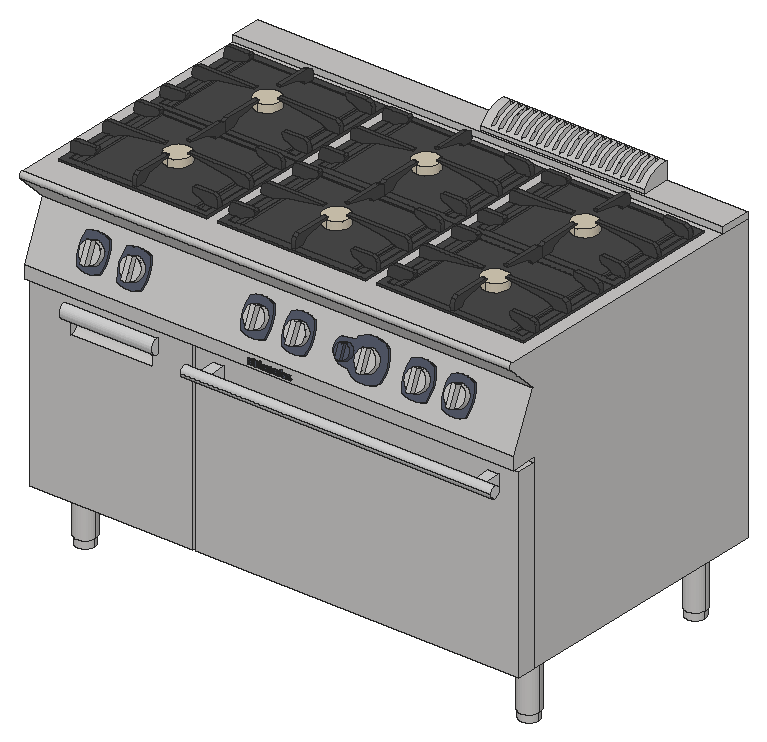
Revit family "QF_ELECTROLUXPROFESSIONAL_371005_E7GCGL6C10", category Specialty Equipment, Revit 2018 (continued)
Automatic sketch dimensions
  Extrusion 41 sketch curve to Extrusion 41 sketch curve = 0.159 mm
  Extrusion 41 sketch curve to Extrusion 41 sketch curve = 0.826 mm
  Extrusion 41 sketch curve to Extrusion 41 sketch curve = 0.839 mm
  Extrusion 41 sketch curve to Extrusion 41 sketch curve = 0.852 mm
  Extrusion 41 sketch curve to Extrusion 41 sketch curve = 0.887 mm
  Extrusion 41 sketch curve to Extrusion 41 sketch curve = 0.928 mm
  Extrusion 41 sketch curve to Extrusion 41 sketch curve = 0.938 mm
  Extrusion 41 sketch curve to Extrusion 41 sketch curve = 0.444 mm
  Extrusion 41 sketch curve to Extrusion 41 sketch curve = 1.11 mm  (x3)
  plane 7 "Center Y" to Extrusion 41 sketch curve = 43.726 mm
  Extrusion 41 sketch curve to Extrusion 41 sketch curve = 0.215 mm
  plane 7 "Center Y" to Extrusion 41 sketch curve = 0.332 mm
  Extrusion 41 sketch curve to Extrusion 41 sketch curve = 1.43 mm
  Extrusion 41 sketch curve to Extrusion 41 sketch curve = 1.188 mm
  Extrusion 41 sketch curve to Extrusion 41 sketch curve = 1.21 mm  (x2)
  Extrusion 41 sketch curve to Extrusion 41 sketch curve = 0.503 mm
  plane 7 "Center Y" to Extrusion 41 sketch curve = 48.995 mm
  Extrusion 41 sketch curve to Extrusion 41 sketch curve = 0.488 mm
  plane 7 "Center Y" to Extrusion 41 sketch curve = 52.922 mm
  Extrusion 41 sketch curve to Extrusion 41 sketch curve = 0.462 mm
  Extrusion 41 sketch curve to Extrusion 41 sketch curve = 1.386 mm
  Extrusion 41 sketch curve to Extrusion 41 sketch curve = 1.742 mm
  Extrusion 41 sketch curve to Extrusion 41 sketch curve = 0.821 mm
  Extrusion 41 sketch curve to Extrusion 41 sketch curve = 0.497 mm
  Extrusion 41 sketch curve to Extrusion 41 sketch curve = 0.539 mm
  Extrusion 41 sketch curve to Extrusion 41 sketch curve = 0.686 mm
  Extrusion 41 sketch curve to plane 7 "Center Y" = 0.042 mm
  Extrusion 41 sketch curve to Extrusion 41 sketch curve = 0.408 mm
  Extrusion 41 sketch curve to Extrusion 41 sketch curve = 0.743 mm
  Extrusion 41 sketch curve to Extrusion 41 sketch curve = 1.16 mm
  Extrusion 41 sketch curve to Extrusion 41 sketch curve = 0.329 mm
  Extrusion 41 sketch curve to Extrusion 41 sketch curve = 1.054 mm
  Extrusion 41 sketch curve to Extrusion 41 sketch curve = 1.056 mm
  Extrusion 41 sketch curve to Extrusion 41 sketch curve = 0.129 mm
  Extrusion 41 sketch curve to Extrusion 41 sketch curve = 0.489 mm
  Extrusion 41 sketch curve to plane 7 "Center Y" = 0.376 mm
  Extrusion 41 sketch curve to Extrusion 41 sketch curve = 0.441 mm
  Extrusion 41 sketch curve to Extrusion 41 sketch curve = 1.151 mm
  Extrusion 41 sketch curve to Extrusion 41 sketch curve = 1.141 mm  (x2)
  Extrusion 41 sketch curve to Extrusion 41 sketch curve = 0.768 mm
  Extrusion 41 sketch curve to Extrusion 41 sketch curve = 1.653 mm
  Extrusion 41 sketch curve to Extrusion 41 sketch curve = 0.499 mm
  Extrusion 41 sketch curve to Extrusion 41 sketch curve = 0.964 mm
  Extrusion 41 sketch curve to Extrusion 41 sketch curve = 0.949 mm
  Extrusion 41 sketch curve to Extrusion 41 sketch curve = 1.345 mm  (x3)
  Extrusion 41 sketch curve to Extrusion 41 sketch curve = 1.101 mm
  Extrusion 41 sketch curve to Extrusion 41 sketch curve = 0.432 mm
  Extrusion 41 sketch curve to Extrusion 41 sketch curve = 1.142 mm
  Extrusion 41 sketch curve to Extrusion 41 sketch curve = 0.959 mm
  Extrusion 41 sketch curve to Extrusion 41 sketch curve = 0.176 mm
  Extrusion 41 sketch curve to Extrusion 41 sketch curve = 0.728 mm
  Extrusion 41 sketch curve to Extrusion 41 sketch curve = 3.375 mm  (x2)
  Extrusion 41 sketch curve to Extrusion 41 sketch curve = 0.541 mm
  Extrusion 41 sketch curve to Extrusion 41 sketch curve = 0.955 mm
  Extrusion 41 sketch curve to Extrusion 41 sketch curve = 1.251 mm
  Extrusion 41 sketch curve to Extrusion 41 sketch curve = 0.572 mm
  plane 7 "Center Y" to Extrusion 41 sketch curve = 47.619 mm
  Extrusion 41 sketch curve to Extrusion 41 sketch curve = 1.92 mm
  Extrusion 41 sketch curve to Extrusion 41 sketch curve = 1.224 mm
  Extrusion 41 sketch curve to Extrusion 41 sketch curve = 0.745 mm
  Extrusion 41 sketch curve to Extrusion 41 sketch curve = 0.036 mm
  Extrusion 41 sketch curve to Extrusion 41 sketch curve = 0.896 mm  (x3)
  Extrusion 41 sketch curve to Extrusion 41 sketch curve = 2.607 mm
  Extrusion 41 sketch curve to Extrusion 41 sketch curve = 0.066 mm
  Extrusion 41 sketch curve to Extrusion 41 sketch curve = 0.248 mm
  Extrusion 41 sketch curve to Extrusion 41 sketch curve = 0.449 mm
  plane 7 "Center Y" to Extrusion 41 sketch curve = 46.838 mm
  Extrusion 41 sketch curve to Extrusion 41 sketch curve = 1.052 mm
  Extrusion 41 sketch curve to Extrusion 41 sketch curve = 1.863 mm
  Extrusion 41 sketch curve to Extrusion 41 sketch curve = 1.31 mm  (x2)
  Extrusion 41 sketch curve to Extrusion 41 sketch curve = 0.901 mm
  Extrusion 41 sketch curve to Extrusion 41 sketch curve = 1.107 mm
  Extrusion 41 sketch curve to Extrusion 41 sketch curve = 2.122 mm
  Extrusion 41 sketch curve to Extrusion 41 sketch curve = 2.101 mm
  Extrusion 41 sketch curve to Extrusion 41 sketch curve = 0.106 mm
  Extrusion 41 sketch curve to Extrusion 41 sketch curve = 0.029 mm
  plane 7 "Center Y" to Extrusion 41 sketch curve = 49.641 mm
  Extrusion 41 sketch curve to Extrusion 41 sketch curve = 2.09 mm
  Extrusion 41 sketch curve to Extrusion 41 sketch curve = 1.279 mm
  Extrusion 41 sketch curve to Extrusion 41 sketch curve = 2.008 mm
  Extrusion 41 sketch curve to Extrusion 41 sketch curve = 0.738 mm
  Extrusion 41 sketch curve to Extrusion 41 sketch curve = 0.382 mm
  Extrusion 41 sketch curve to Extrusion 41 sketch curve = 0.384 mm
  Extrusion 41 sketch curve to Extrusion 41 sketch curve = 0.002 mm
  Extrusion 41 sketch curve to Extrusion 41 sketch curve = 0.561 mm
  Extrusion 41 sketch curve to Extrusion 41 sketch curve = 0.592 mm
  Extrusion 41 sketch curve to Extrusion 41 sketch curve = 2.692 mm
  Extrusion 41 sketch curve to Extrusion 41 sketch curve = 1.259 mm
  plane 7 "Center Y" to Extrusion 41 sketch curve = 48.858 mm
  Extrusion 41 sketch curve to Extrusion 41 sketch curve = 0.802 mm
  Extrusion 41 sketch curve to Extrusion 41 sketch curve = 1.024 mm
  Extrusion 41 sketch curve to Extrusion 41 sketch curve = 0.682 mm
  Extrusion 41 sketch curve to Extrusion 41 sketch curve = 5.934 mm
  Extrusion 41 sketch curve to Extrusion 41 sketch curve = 2.186 mm
  Extrusion 41 sketch curve to Extrusion 41 sketch curve = 0.337 mm
  Extrusion 41 sketch curve to Extrusion 41 sketch curve = 0.021 mm
  Extrusion 41 sketch curve to Extrusion 41 sketch curve = 1.005 mm
  Extrusion 41 sketch curve to Extrusion 41 sketch curve = 0.552 mm
  Extrusion 41 sketch curve to Extrusion 41 sketch curve = 0.778 mm
  Extrusion 41 sketch curve to Extrusion 41 sketch curve = 0.063 mm
  Extrusion 41 sketch curve to Extrusion 41 sketch curve = 1.023 mm
  Extrusion 41 sketch curve to Extrusion 41 sketch curve = 3.804 mm
  Extrusion 41 sketch curve to Extrusion 41 sketch curve = 0.486 mm
  Extrusion 41 sketch curve to Extrusion 41 sketch curve = 0.266 mm
  Extrusion 41 sketch curve to plane 7 "Center Y" = 0.787 mm
  Extrusion 41 sketch curve to Extrusion 41 sketch curve = 1.547 mm
  Extrusion 41 sketch curve to Extrusion 41 sketch curve = 0.717 mm  (x2)
  Extrusion 41 sketch curve to Extrusion 41 sketch curve = 1.667 mm
  plane 7 "Center Y" to Extrusion 41 sketch curve = 44.532 mm
  Extrusion 41 sketch curve to Extrusion 41 sketch curve = 3.174 mm
  plane 7 "Center Y" to Extrusion 41 sketch curve = 0.368 mm
  Extrusion 41 sketch curve to Extrusion 41 sketch curve = 0.388 mm
  Extrusion 41 sketch curve to Extrusion 41 sketch curve = 1.342 mm
  plane 7 "Center Y" to Extrusion 41 sketch curve = 50.135 mm
  Extrusion 41 sketch curve to Extrusion 41 sketch curve = 1.521 mm
  plane 7 "Center Y" to Extrusion 41 sketch curve = 51.694 mm
  Extrusion 41 sketch curve to Extrusion 41 sketch curve = 0.124 mm
  Extrusion 41 sketch curve to Extrusion 41 sketch curve = 0.291 mm
  plane 7 "Center Y" to Extrusion 41 sketch curve = 7.285 mm
  Extrusion 41 sketch curve to Extrusion 41 sketch curve = 1.049 mm  (x2)
  plane 7 "Center Y" to Extrusion 41 sketch curve = 47.668 mm
  Extrusion 41 sketch curve to Extrusion 41 sketch curve = 1.7 mm
  Extrusion 41 sketch curve to Extrusion 41 sketch curve = 0.894 mm
  Extrusion 41 sketch curve to Extrusion 41 sketch curve = 0.989 mm
  Extrusion 41 sketch curve to Extrusion 41 sketch curve = 1.168 mm
  Extrusion 41 sketch curve to Extrusion 41 sketch curve = 1.594 mm
  Extrusion 41 sketch curve to Extrusion 41 sketch curve = 0.731 mm
  Extrusion 41 sketch curve to Extrusion 41 sketch curve = 1.566 mm
  Extrusion 41 sketch curve to Extrusion 41 sketch curve = 0.064 mm
  plane 7 "Center Y" to Extrusion 41 sketch curve = 7.842 mm
  Extrusion 41 sketch curve to Extrusion 41 sketch curve = 0.556 mm
  Extrusion 41 sketch curve to Extrusion 41 sketch curve = 0.48 mm
  Extrusion 41 sketch curve to Extrusion 41 sketch curve = 0.228 mm
  Extrusion 41 sketch curve to Extrusion 41 sketch curve = 1.018 mm
  plane 7 "Center Y" to Extrusion 41 sketch curve = 37.429 mm
  Extrusion 41 sketch curve to Extrusion 41 sketch curve = 0.787 mm
  Extrusion 41 sketch curve to Extrusion 41 sketch curve = 0.618 mm
  plane 7 "Center Y" to Extrusion 41 sketch curve = 42.486 mm
  Extrusion 41 sketch curve to Extrusion 41 sketch curve = 1.672 mm
  plane 7 "Center Y" to Extrusion 41 sketch curve = 53.436 mm
  Extrusion 41 sketch curve to Extrusion 41 sketch curve = 1.361 mm
  Extrusion 41 sketch curve to Extrusion 41 sketch curve = 0.822 mm
  Extrusion 41 sketch curve to Extrusion 41 sketch curve = 0.069 mm
  Extrusion 41 sketch curve to Extrusion 41 sketch curve = 1.88 mm
  plane 7 "Center Y" to Extrusion 41 sketch curve = 35.269 mm
  Extrusion 41 sketch curve to Extrusion 41 sketch curve = 0.42 mm
  Extrusion 41 sketch curve to Extrusion 41 sketch curve = 0.062 mm
  Extrusion 41 sketch curve to Extrusion 41 sketch curve = 1.355 mm
  Extrusion 41 sketch curve to Extrusion 41 sketch curve = 2.34 mm
  Extrusion 41 sketch curve to Extrusion 41 sketch curve = 0.493 mm
  Extrusion 41 sketch curve to Extrusion 41 sketch curve = 0.136 mm
  Extrusion 41 sketch curve to Extrusion 41 sketch curve = 0.128 mm
  Extrusion 41 sketch curve to Extrusion 41 sketch curve = 3.616 mm
  Extrusion 41 sketch curve to Extrusion 41 sketch curve = 4.207 mm
  Extrusion 41 sketch curve to Extrusion 41 sketch curve = 0.183 mm
  Extrusion 41 sketch curve to Extrusion 41 sketch curve = 0.895 mm
  Extrusion 41 sketch curve to Extrusion 41 sketch curve = 1.314 mm
  Extrusion 41 sketch curve to Extrusion 41 sketch curve = 3.231 mm
  Extrusion 41 sketch curve to plane 7 "Center Y" = 23.526 mm
  Extrusion 41 sketch curve to Extrusion 41 sketch curve = 1.299 mm
  Extrusion 41 sketch curve to Extrusion 41 sketch curve = 1.214 mm
  plane 7 "Center Y" to Extrusion 41 sketch curve = 26.369 mm
  Extrusion 41 sketch curve to Extrusion 41 sketch curve = 1.264 mm
  Extrusion 41 sketch curve to Extrusion 41 sketch curve = 0.109 mm
  Extrusion 41 sketch curve to Extrusion 41 sketch curve = 0.357 mm
  Extrusion 41 sketch curve to Extrusion 41 sketch curve = 0.565 mm
  Extrusion 41 sketch curve to Extrusion 41 sketch curve = 2.504 mm
  Extrusion 41 sketch curve to Extrusion 41 sketch curve = 2.459 mm
  Extrusion 41 sketch curve to Extrusion 41 sketch curve = 0.983 mm
  Extrusion 41 sketch curve to Extrusion 41 sketch curve = 0.422 mm  (x2)
  Extrusion 41 sketch curve to Extrusion 41 sketch curve = 1.268 mm
  Extrusion 41 sketch curve to Extrusion 41 sketch curve = 0.671 mm
  Extrusion 41 sketch curve to Extrusion 41 sketch curve = 1.634 mm
  Extrusion 41 sketch curve to Extrusion 41 sketch curve = 0.132 mm
  Extrusion 41 sketch curve to Extrusion 41 sketch curve = 0.586 mm
  Extrusion 41 sketch curve to Extrusion 41 sketch curve = 1.241 mm
  Extrusion 41 sketch curve to Extrusion 41 sketch curve = 1.689 mm
  Extrusion 41 sketch curve to Extrusion 41 sketch curve = 0.627 mm
  Extrusion 41 sketch curve to Extrusion 41 sketch curve = 0.419 mm
  Extrusion 41 sketch curve to Extrusion 41 sketch curve = 1.514 mm
  Extrusion 41 sketch curve to Extrusion 41 sketch curve = 1.019 mm
  Extrusion 41 sketch curve to Extrusion 41 sketch curve = 0.065 mm
  Extrusion 41 sketch curve to Extrusion 41 sketch curve = 1.215 mm
  Extrusion 41 sketch curve to Extrusion 41 sketch curve = 1.122 mm
  Extrusion 41 sketch curve to Extrusion 41 sketch curve = 1.153 mm
  Extrusion 41 sketch curve to Extrusion 41 sketch curve = 1.223 mm
  Extrusion 41 sketch curve to Extrusion 41 sketch curve = 0.934 mm
  Extrusion 41 sketch curve to Extrusion 41 sketch curve = 3.376 mm
  Extrusion 41 sketch curve to Extrusion 41 sketch curve = 0.222 mm
  Extrusion 41 sketch curve to Extrusion 41 sketch curve = 1.383 mm
  Extrusion 41 sketch curve to Extrusion 41 sketch curve = 1.556 mm
  Extrusion 41 sketch curve to Extrusion 41 sketch curve = 2.559 mm
  Extrusion 41 sketch curve to Extrusion 41 sketch curve = 2.51 mm
  Extrusion 41 sketch curve to Extrusion 41 sketch curve = 0.131 mm
  Extrusion 41 sketch curve to Extrusion 41 sketch curve = 1.134 mm
  Extrusion 41 sketch curve to Extrusion 41 sketch curve = 0.094 mm
  Extrusion 41 sketch curve to Extrusion 41 sketch curve = 1.584 mm
  Extrusion 41 sketch curve to Extrusion 41 sketch curve = 0.27 mm
  Extrusion 41 sketch curve to Extrusion 41 sketch curve = 0.916 mm
  Extrusion 41 sketch curve to Extrusion 41 sketch curve = 0.352 mm
  Extrusion 41 sketch curve to Extrusion 41 sketch curve = 0.458 mm
  Extrusion 41 sketch curve to Extrusion 41 sketch curve = 1.282 mm
  Extrusion 41 sketch curve to Extrusion 41 sketch curve = 1.363 mm
  Extrusion 41 sketch curve to Extrusion 41 sketch curve = 0.685 mm
  Extrusion 41 sketch curve to Extrusion 41 sketch curve = 0.905 mm
  Extrusion 41 sketch curve to Extrusion 41 sketch curve = 1.477 mm
  Extrusion 41 sketch curve to Extrusion 41 sketch curve = 0.472 mm
  Extrusion 41 sketch curve to Extrusion 41 sketch curve = 0.101 mm
  Extrusion 41 sketch curve to Extrusion 41 sketch curve = 0.54 mm
  Extrusion 41 sketch curve to Extrusion 41 sketch curve = 0.02 mm
  Extrusion 41 sketch curve to Extrusion 41 sketch curve = 0.829 mm
  Extrusion 41 sketch curve to Extrusion 41 sketch curve = 0.582 mm
  Extrusion 41 sketch curve to Extrusion 41 sketch curve = 0.166 mm
  Extrusion 41 sketch curve to Extrusion 41 sketch curve = 0.16 mm
  Extrusion 41 sketch curve to Extrusion 41 sketch curve = 1.118 mm
  Extrusion 41 sketch curve to Extrusion 41 sketch curve = 0.613 mm
  Extrusion 41 sketch curve to Extrusion 41 sketch curve = 0.781 mm
  Extrusion 41 sketch curve to Extrusion 41 sketch curve = 0.361 mm
  Extrusion 41 sketch curve to Extrusion 41 sketch curve = 0.897 mm
  Extrusion 41 sketch curve to Extrusion 41 sketch curve = 0.167 mm
  Extrusion 41 sketch curve to Extrusion 41 sketch curve = 0.292 mm
  Extrusion 41 sketch curve to Extrusion 41 sketch curve = 0.305 mm
  Extrusion 41 sketch curve to Extrusion 41 sketch curve = 1.557 mm
  Extrusion 41 sketch curve to Extrusion 41 sketch curve = 2.499 mm
  Extrusion 41 sketch curve to Extrusion 41 sketch curve = 3.062 mm
  Extrusion 41 sketch curve to Extrusion 41 sketch curve = 2.968 mm
  Extrusion 41 sketch curve to Extrusion 41 sketch curve = 5.044 mm
  Extrusion 41 sketch curve to Extrusion 41 sketch curve = 0.629 mm  (x2)
  Extrusion 41 sketch curve to Extrusion 41 sketch curve = 1.131 mm
  Extrusion 41 sketch curve to Extrusion 41 sketch curve = 0.137 mm
  Extrusion 41 sketch curve to Extrusion 41 sketch curve = 0.027 mm
  Extrusion 41 sketch curve to Extrusion 41 sketch curve = 2.046 mm
  Extrusion 41 sketch curve to Extrusion 41 sketch curve = 2.235 mm
  radius of Extrusion 8 sketch curve = 6.35 mm
  radius of Extrusion 13 sketch curve = 12.7 mm
  radius of Extrusion 17 sketch curve = 25.4 mm
  radius of Extrusion 18 sketch curve to Extrusion 17 = 0 mm  (x2)
  radius of Extrusion 20 sketch curve = 25.4 mm
  radius of Extrusion 21 sketch curve to Extrusion 20 = 0 mm  (x2)
  radius of Extrusion 22 sketch curve = 18.37 mm
  radius of Extrusion 25 sketch curve = 25.4 mm
  radius of Extrusion 26 sketch curve to Extrusion 25 = 0 mm  (x2)
  radius of Extrusion 28 sketch curve = 25.4 mm
  radius of Extrusion 29 sketch curve to Extrusion 28 = 0 mm  (x2)
  radius of Extrusion 33 sketch curve = 25.4 mm
  radius of Extrusion 34 sketch curve to Extrusion 33 = 0 mm  (x2)
  radius of Extrusion 36 sketch curve = 25.4 mm
  radius of Extrusion 37 sketch curve to Extrusion 36 = 0 mm  (x2)
  radius of Extrusion 39 sketch curve = 25.4 mm
  radius of Extrusion 40 sketch curve to Extrusion 39 = 0 mm  (x2)
Nested families
  nested 1: "371009_BURNER" at (23.5, -5, 0), type "371009_BURNER"
    with Type Mark "", Status "", Specification by User "", Revision Code "", Item Number "", Installed By "", Identify Quantity as Lot yes, Furnished By "", Foodservice Equipment Identifier yes
  nested 2: "371009_BURNER" at (23.5, -739.127, 0), type "371009_BURNER"
    with Type Mark "", Status "", Specification by User "", Revision Code "", Item Number "", Installed By "", Identify Quantity as Lot yes, Furnished By "", Foodservice Equipment Identifier yes
  nested 3: "371009_BURNER" at (412.5, -5, 0), type "371009_BURNER"
    with Type Mark "", Status "", Specification by User "", Revision Code "", Item Number "", Installed By "", Identify Quantity as Lot yes, Furnished By "", Foodservice Equipment Identifier yes
  nested 4: "371009_BURNER" at (412.5, -739.127, 0), type "371009_BURNER"
    with Type Mark "", Status "", Specification by User "", Revision Code "", Item Number "", Installed By "", Identify Quantity as Lot yes, Furnished By "", Foodservice Equipment Identifier yes
  nested 5: "371009_BURNER" at (1176.5, -5, 0) x (-1, 0, 0) z (0, 0, 1), type "371009_BURNER"
    with Type Mark "", Status "", Specification by User "", Revision Code "", Item Number "", Installed By "", Identify Quantity as Lot yes, Furnished By "", Foodservice Equipment Identifier yes
  nested 6: "371009_BURNER" at (1176.5, -739.127, 0) x (-1, 0, 0) z (0, 0, 1), type "371009_BURNER"
    with Type Mark "", Status "", Specification by User "", Revision Code "", Item Number "", Installed By "", Identify Quantity as Lot yes, Furnished By "", Foodservice Equipment Identifier yes
Connectors
  piping at (1147.613, -464, 141.185), diameter 12.8
    settings: on Extrusion 8, index 1, connector inside diameter 0.50394", connector length 0 mm, flow factor 0, pipe flow 0 GPM, pressure drop 0.00 psi, fitting loss kfactor 0, connector angle 0.00°, fixture units 0, engagement length 0 mm, angle of deflection 0.00°, flow configuration 1, flow direction 1, fitting loss method 0, system type 7, joint type 0, gender type 0, connector reference index -1, connector utility 0, adjustable connector no, is connector primary yes, connector description "Gas Inlet"
Definition of nested family "371009_BURNER"
  Parameters
    Weight in Pounds = 0
    URL Cutsheet = ""
    URL = "www.electrolux.com"
    Type Mark [instance] = ""
    Status [instance] = ""
    Specification by User [instance] = ""
    Specification by Manufacturer = ""
    Serial Number = ""
    Seismic Rating = ""
    SMACNA No = ""
    Revision Code [instance] = ""
    Omniclass Number and Title = ""
    NAFEM Spec ID Number = ""
    Model = "371009"
    Masterspec = ""
    Manufacturer = "ELECTROLUX"
    Item Number [instance] = ""
    Installed By [instance] = ""
    Identify Quantity as Lot [instance] = yes
    Furnished By [instance] = ""
    Foodservice Equipment Identifier [instance] = yes
    Description = ""
    CSI MasterFormat = ""
    CSI Master Format = ""
  Reference planes
    plane 1 "BACK": y = 0
    plane 2: z = 0
    plane 3 "LEFT": x = 0
    plane 4 "RIGHT": x = 800
    plane 5 "FRONT": y = -700
    plane 6 "TOP": z = 908.85
    plane 7 "Center Y": x = 400
    plane 8 "Center X": y = -350
    plane 9 "Base": z = 150
    plane 10: z = 850.85
  Forms (mm)
    Extrusion 1, solid
      sketch origin (0, -734.127, 5) x (1, 0, 0) y (0, 0, -1)
        loop
          arc (7.142, -850.85) -> (6.739, -862.989) -> (9.761, -874.752) r 42.809
          line (9.761, -874.752) -> (19.961, -879.425) -> (157.339, -879.425)
          arc (157.339, -879.425) -> (158.533, -878.312) -> (157.506, -877.043) r 1.197
          line (157.506, -877.043) -> (64.848, -864.021)
          arc (64.848, -864.021) -> (50.111, -858.738) -> (36.589, -850.85) r 85.245
          line (36.589, -850.85) -> (7.142, -850.85)
        loop
          line (367.858, -850.85) -> (338.411, -850.85)
          arc (338.411, -850.85) -> (324.889, -858.738) -> (310.152, -864.021) r 85.245
          line (310.152, -864.021) -> (217.494, -877.043)
          arc (217.494, -877.043) -> (216.467, -878.312) -> (217.661, -879.425) r 1.197
          line (217.661, -879.425) -> (355.039, -879.425) -> (365.239, -874.752)
          arc (365.239, -874.752) -> (368.261, -862.989) -> (367.858, -850.85) r 42.809
      from 224.564 to 234.564
    Extrusion 2, solid
      sketch origin (0, -734.127, 5) x (1, 0, 0) y (0, 0, -1)
        loop
          arc (7.056, -850.85) -> (6.705, -862.948) -> (9.748, -874.663) r 42.876
          line (9.748, -874.663) -> (19.961, -879.425) -> (65.851, -879.425)
          arc (65.851, -879.425) -> (68.577, -878.352) -> (69.841, -875.709) r 4
          arc (69.841, -875.709) -> (68.75, -869.25) -> (64.816, -864.012) r 13.87
          arc (64.816, -864.012) -> (50.096, -858.731) -> (36.589, -850.85) r 85.245
          line (36.589, -850.85) -> (7.056, -850.85)
        loop
          line (367.944, -850.85) -> (338.411, -850.85)
          arc (338.411, -850.85) -> (324.904, -858.731) -> (310.184, -864.012) r 85.245
          arc (310.184, -864.012) -> (306.25, -869.25) -> (305.159, -875.709) r 13.87
          arc (305.159, -875.709) -> (306.423, -878.352) -> (309.149, -879.425) r 4
          line (309.149, -879.425) -> (355.039, -879.425) -> (365.252, -874.663)
          arc (365.252, -874.663) -> (368.295, -862.948) -> (367.944, -850.85) r 42.876
      from 127.064 to 137.064
    Extrusion 3, solid
      sketch origin (0, -275, 5) x (1, 0, 0) y (0, 0, 1)
        loop
          arc (64.816, 864.012) -> (68.75, 869.25) -> (69.841, 875.709) r 13.87
          arc (69.841, 875.709) -> (68.577, 878.352) -> (65.851, 879.425) r 4
          line (65.851, 879.425) -> (19.961, 879.425) -> (9.748, 874.663)
          arc (9.748, 874.663) -> (6.705, 862.948) -> (7.056, 850.85) r 42.876
          line (7.056, 850.85) -> (36.589, 850.85)
          arc (36.589, 850.85) -> (50.096, 858.731) -> (64.816, 864.012) r 85.245
        loop
          arc (310.184, 864.012) -> (324.904, 858.731) -> (338.411, 850.85) r 85.245
          line (338.411, 850.85) -> (367.944, 850.85)
          arc (367.944, 850.85) -> (368.295, 862.948) -> (365.252, 874.663) r 42.876
          line (365.252, 874.663) -> (355.039, 879.425) -> (309.149, 879.425)
          arc (309.149, 879.425) -> (306.423, 878.352) -> (305.159, 875.709) r 4
          arc (305.159, 875.709) -> (306.25, 869.25) -> (310.184, 864.012) r 13.87
      from 127.064 to 137.064
    Extrusion 4, solid
      sketch origin (454.964, -29.48, 5) x (0, -1, 0) y (0, 0, 1)
        loop
          arc (366.649, 850.85) -> (375.927, 861.743) -> (389.337, 866.736) r 28.426
          line (389.337, 866.736) -> (441.256, 877.043)
          arc (441.256, 877.043) -> (442.283, 878.312) -> (441.089, 879.425) r 1.197
          line (441.089, 879.425) -> (347.797, 879.425)
          arc (347.797, 879.425) -> (343.211, 875.934) -> (337.583, 874.694) r 13.39
          line (337.583, 874.694) -> (337.583, 850.85) -> (366.649, 850.85)
        loop
          arc (606.236, 850.85) -> (606.587, 862.948) -> (603.543, 874.663) r 42.876
          line (603.543, 874.663) -> (593.33, 879.425) -> (509.077, 879.425)
          arc (509.077, 879.425) -> (507.883, 878.312) -> (508.911, 877.043) r 1.197
          line (508.911, 877.043) -> (560.83, 866.736)
          arc (560.83, 866.736) -> (574.239, 861.743) -> (583.518, 850.85) r 28.426
          line (583.518, 850.85) -> (606.236, 850.85)
      from 262.464 to 272.464
    Extrusion 5, solid
      sketch origin (0, 0, 850.85) x (0, -1, 0) y (1, 0, 0)
        loop
          line (642.216, 6.433) -> (642.216, 368.567) -> (367.857, 368.567) -> (367.857, 6.433) -> (642.216, 6.433)
        loop
          line (382.857, 21.433) -> (627.216, 21.433) -> (627.216, 353.567) -> (382.857, 353.567) -> (382.857, 21.433)
      from 0 to 5
    Extrusion 6, solid
      sketch origin (-12.5, 0, 855.85) x (0, -1, 0) y (1, 0, 0)
        loop
          circle (504.356, 200) r 30
      from -1.321 to 17.134
    Extrusion 7, solid
      sketch origin (0, -734.127, 0) x (1, 0, 0) y (0, 0, -1)
        loop
          line (21.433, -855.85) -> (36.589, -855.85)
          arc (36.589, -855.85) -> (40.561, -855.243) -> (44.305, -853.783) r 18.259
          arc (44.305, -853.783) -> (45.997, -853.366) -> (47.69, -853.783) r 3.649
          arc (47.69, -853.783) -> (49.901, -854.522) -> (52.232, -854.529) r 7.328
          line (52.232, -854.529) -> (322.768, -854.529)
          arc (322.768, -854.529) -> (325.099, -854.522) -> (327.31, -853.783) r 7.328
          arc (327.31, -853.783) -> (329.003, -853.366) -> (330.695, -853.783) r 3.649
          arc (330.695, -853.783) -> (334.439, -855.243) -> (338.411, -855.85) r 18.259
          line (338.411, -855.85) -> (353.567, -855.85) -> (353.567, -850.85) -> (21.433, -850.85) -> (21.433, -855.85)
      from 106.911 to 351.27
  Lines and regions (mm)
    symbolic lines
      curve 1: line (6.433, -642.216, 150) -> (368.567, -642.216, 150)
      curve 2: line (6.433, -367.857, 150) -> (6.433, -642.216, 150)
      curve 3: line (368.567, -367.857, 150) -> (192.5, -367.857, 150)
      curve 4: line (368.567, -642.216, 150) -> (368.567, -367.857, 150)
      curve 5: line (353.567, -382.857, 150) -> (192.5, -382.857, 150)
      curve 6: line (353.567, -627.216, 150) -> (353.567, -607.064, 150)
      curve 7: line (21.433, -627.216, 150) -> (182.5, -627.216, 150)
      curve 8: line (21.433, -382.857, 150) -> (21.433, -402.064, 150)
      curve 9: line (52.232, -627.216, 150) -> (52.232, -607.064, 150)
      curve 10: line (322.567, -382.857, 150) -> (322.567, -402.064, 150)
      curve 11: line (148.125, -499.564, 150) -> (148.125, -382.857, 150)
      curve 12: line (154.375, -382.857, 150) -> (154.375, -499.564, 150)
      curve 13: arc (148.297, -509.564, 150) -> (159.191, -533.254, 150) -> (182.5, -544.942, 150) r 39.375
      curve 14: arc (220.42, -509.564, 150) -> (211.39, -528.832, 150) -> (192.5, -538.631, 150) r 33.125
      curve 15: line (220.625, -382.857, 150) -> (220.625, -499.564, 150)
      curve 16: line (226.875, -499.564, 150) -> (226.875, -382.857, 150)
      curve 17: line (192.5, -636.339, 150) -> (192.5, -535.619, 150)
      curve 18: arc (182.657, -474.75, 150) -> (166.195, -483.236, 150) -> (157.853, -499.771, 150) r 30
      curve 19: arc (192.224, -533.982, 150) -> (208.621, -525.661, 150) -> (217.084, -509.337, 150) r 30
      curve 20: line (368.567, -597.064, 150) -> (305.159, -597.064, 150)
      curve 21: line (6.433, -607.064, 150) -> (69.841, -607.064, 150)
      curve 22: line (6.433, -509.564, 150) -> (156.429, -509.564, 150)
      curve 23: line (368.567, -499.564, 150) -> (218.571, -499.564, 150)
      curve 24: line (6.433, -412.064, 150) -> (69.841, -412.064, 150)
      curve 25: line (368.567, -402.064, 150) -> (305.159, -402.064, 150)
      curve 26: line (69.841, -597.064, 150) -> (6.433, -597.064, 150)
      curve 27: line (305.159, -607.064, 150) -> (368.567, -607.064, 150)
      curve 28: line (69.841, -402.064, 150) -> (6.433, -402.064, 150)
      curve 29: line (305.159, -412.064, 150) -> (368.567, -412.064, 150)
      curve 30: arc (69.841, -597.064, 150) -> (74.841, -602.064, 150) -> (69.841, -607.064, 150) r 5
      curve 31: arc (305.159, -607.064, 150) -> (300.159, -602.064, 150) -> (305.159, -597.064, 150) r 5
      curve 32: arc (69.841, -402.064, 150) -> (74.841, -407.064, 150) -> (69.841, -412.064, 150) r 5
      curve 33: arc (305.159, -412.064, 150) -> (300.159, -407.064, 150) -> (305.159, -402.064, 150) r 5
      curve 34: line (21.433, -412.064, 150) -> (21.433, -499.564, 150)
      curve 35: line (52.232, -402.064, 150) -> (52.232, -382.857, 150)
      curve 36: line (21.433, -509.564, 150) -> (21.433, -597.064, 150)
      curve 37: line (52.232, -499.564, 150) -> (52.232, -412.064, 150)
      curve 38: line (52.232, -597.064, 150) -> (52.232, -509.564, 150)
      curve 39: line (21.433, -607.064, 150) -> (21.433, -627.216, 150)
      curve 40: line (322.567, -607.064, 150) -> (322.567, -627.216, 150)
      curve 41: line (353.567, -597.064, 150) -> (353.567, -509.564, 150)
      curve 42: line (322.567, -509.564, 150) -> (322.567, -597.064, 150)
      curve 43: line (353.567, -499.564, 150) -> (353.567, -412.064, 150)
      curve 44: line (353.567, -402.064, 150) -> (353.567, -382.857, 150)
      curve 45: line (322.567, -412.064, 150) -> (322.567, -499.564, 150)
      curve 46: line (156.429, -499.564, 150) -> (6.433, -499.564, 150)
      curve 47: line (218.571, -509.564, 150) -> (368.567, -509.564, 150)
      curve 48: arc (218.571, -499.564, 150) -> (213.571, -504.564, 150) -> (218.571, -509.564, 150) r 5
      curve 49: arc (156.429, -499.564, 150) -> (161.429, -504.564, 150) -> (156.429, -509.564, 150) r 5
      curve 50: arc (157.916, -509.337, 150) -> (166.379, -525.661, 150) -> (182.776, -533.982, 150) r 30
      curve 51: arc (217.147, -499.771, 150) -> (208.805, -483.236, 150) -> (192.343, -474.75, 150) r 30
      curve 52: line (182.5, -535.619, 150) -> (182.5, -636.339, 150)
      curve 53: line (192.5, -473.508, 150) -> (192.5, -367.064, 150)
      curve 54: arc (192.5, -535.619, 150) -> (187.5, -530.619, 150) -> (182.5, -535.619, 150) r 5
      curve 55: arc (192.5, -473.508, 150) -> (187.5, -478.508, 150) -> (182.5, -473.508, 150) r 5
      curve 56: line (182.5, -367.857, 150) -> (6.433, -367.857, 150)
      curve 57: line (182.5, -382.857, 150) -> (21.433, -382.857, 150)
      curve 58: arc (192.5, -404.571, 150) -> (196.398, -417.071, 150) -> (192.5, -429.571, 150) r 21.993
      curve 59: arc (196.181, -420.148, 150) -> (199.482, -417.071, 150) -> (196.181, -413.995, 150) r 3.084
      curve 60: arc (182.5, -404.571, 150) -> (178.602, -417.071, 150) -> (182.5, -429.571, 150) r 21.993
      curve 61: arc (178.819, -420.148, 150) -> (175.518, -417.071, 150) -> (178.819, -413.995, 150) r 3.084
      curve 62: line (182.5, -367.064, 150) -> (182.5, -473.508, 150)
      curve 63: arc (182.5, -538.631, 150) -> (163.61, -528.832, 150) -> (154.58, -509.564, 150) r 33.125
      curve 64: arc (192.5, -544.942, 150) -> (215.809, -533.254, 150) -> (226.703, -509.564, 150) r 39.375
      curve 65: line (182.5, -636.339, 150) -> (192.5, -636.339, 150)
      curve 66: line (182.5, -377.277, 150) -> (192.5, -377.277, 150)
      curve 67: line (182.5, -367.064, 150) -> (192.5, -367.064, 150)
      curve 68: line (192.5, -627.216, 150) -> (353.567, -627.216, 150)
  Dimensions and locks
    equal spacing: plane 3 "LEFT", plane 7 "Center Y", plane 4 "RIGHT"
    plane 3 "LEFT" to plane 4 "RIGHT" = 800 mm
    equal spacing: plane 5 "FRONT", plane 8 "Center X", plane 1 "BACK"
    plane 5 "FRONT" to plane 1 "BACK" = 700 mm
    plane 6 "TOP" to level = 908.85 mm
    plane 9 "Base" to level = 150 mm
    plane 6 "TOP" to plane 10 = 58 mm  (x2)
    aligned and locked: level to plane 2
  Automatic sketch dimensions
    Extrusion 5 sketch curve to Extrusion 5 sketch curve = 15 mm  (x2)
    Extrusion 5 sketch curve to Extrusion 5 sketch curve = 332.134 mm
    plane 3 "LEFT" to Extrusion 2 sketch curve = 7.056 mm
    plane 3 "LEFT" to Extrusion 2 sketch curve = 9.748 mm
    Extrusion 2 sketch curve to Extrusion 2 sketch curve = 10.213 mm  (x2)
    plane 10 to Extrusion 2 sketch curve = 5 mm  (x2)
    Extrusion 2 sketch curve to Extrusion 2 sketch curve = 29.533 mm
    Extrusion 2 sketch curve to Extrusion 2 sketch curve = 12.72 mm  (x2)
    Extrusion 2 sketch curve to Extrusion 2 sketch curve = 6.697 mm
    Extrusion 2 sketch curve to Extrusion 2 sketch curve = 8.81 mm
    Extrusion 2 sketch curve to Extrusion 2 sketch curve = 9.845 mm  (x2)
    Extrusion 2 sketch curve to Extrusion 2 sketch curve = 3.99 mm  (x2)
    Extrusion 2 sketch curve to Extrusion 2 sketch curve = 0 mm  (x2)
    Extrusion 2 sketch curve to Extrusion 2 sketch curve = 36.813 mm
    Extrusion 2 sketch curve to plane 7 "Center Y" = 111.122 mm
    Extrusion 2 sketch curve to plane 6 "TOP" = 28.141 mm
    Extrusion 2 sketch curve to plane 7 "Center Y" = 94.841 mm
    Extrusion 2 sketch curve to Extrusion 2 sketch curve = 1.035 mm
    Extrusion 2 sketch curve to Extrusion 2 sketch curve = 15.507 mm
    Extrusion 2 sketch curve to Extrusion 2 sketch curve = 16.628 mm
    Extrusion 2 sketch curve to Extrusion 2 sketch curve = 2.692 mm
    Extrusion 2 sketch curve to plane 6 "TOP" = 24.425 mm
    Extrusion 2 sketch curve to Extrusion 2 sketch curve = 28.575 mm
    Extrusion 2 sketch curve to Extrusion 2 sketch curve = 3.716 mm
    Extrusion 2 sketch curve to Extrusion 2 sketch curve = 4.763 mm  (x2)
    plane 3 "LEFT" to Extrusion 1 sketch curve = 7.142 mm
    plane 3 "LEFT" to Extrusion 1 sketch curve = 9.761 mm
    Extrusion 1 sketch curve to Extrusion 1 sketch curve = 10.201 mm  (x2)
    plane 10 to Extrusion 1 sketch curve = 5 mm  (x2)
    Extrusion 1 sketch curve to Extrusion 1 sketch curve = 29.447 mm
    Extrusion 1 sketch curve to Extrusion 1 sketch curve = 12.704 mm  (x2)
    Extrusion 1 sketch curve to Extrusion 1 sketch curve = 15.555 mm  (x2)
    Extrusion 1 sketch curve to Extrusion 1 sketch curve = 36.829 mm
    Extrusion 1 sketch curve to plane 6 "TOP" = 24.425 mm  (x2)
    Extrusion 1 sketch curve to Extrusion 1 sketch curve = 92.491 mm
    Extrusion 1 sketch curve to plane 6 "TOP" = 26.807 mm  (x2)
    Extrusion 1 sketch curve to Extrusion 1 sketch curve = 0.167 mm  (x2)
    Extrusion 1 sketch curve to Extrusion 1 sketch curve = 59.988 mm
    Extrusion 1 sketch curve to plane 7 "Center Y" = 111.122 mm
    plane 10 to Extrusion 1 sketch curve = 18.171 mm
    Extrusion 1 sketch curve to Extrusion 1 sketch curve = 21.274 mm
    Extrusion 1 sketch curve to Extrusion 1 sketch curve = 16.628 mm
    Extrusion 1 sketch curve to Extrusion 1 sketch curve = 2.618 mm
    Extrusion 1 sketch curve to Extrusion 1 sketch curve = 4.673 mm  (x2)
    Extrusion 1 sketch curve to Extrusion 1 sketch curve = 5.694 mm
    plane 3 "LEFT" to Extrusion 3 sketch curve = 7.056 mm
    plane 3 "LEFT" to Extrusion 3 sketch curve = 9.748 mm
    Extrusion 3 sketch curve to Extrusion 3 sketch curve = 10.213 mm  (x2)
    plane 10 to Extrusion 3 sketch curve = 5 mm  (x2)
    Extrusion 3 sketch curve to Extrusion 3 sketch curve = 29.533 mm
    Extrusion 3 sketch curve to Extrusion 3 sketch curve = 12.72 mm  (x2)
    Extrusion 3 sketch curve to Extrusion 3 sketch curve = 6.697 mm
    Extrusion 3 sketch curve to Extrusion 3 sketch curve = 8.81 mm
    Extrusion 3 sketch curve to Extrusion 3 sketch curve = 9.845 mm  (x2)
    Extrusion 3 sketch curve to Extrusion 3 sketch curve = 3.99 mm  (x2)
    Extrusion 3 sketch curve to Extrusion 3 sketch curve = 0 mm  (x2)
    Extrusion 3 sketch curve to Extrusion 3 sketch curve = 36.813 mm
    Extrusion 3 sketch curve to plane 7 "Center Y" = 111.122 mm
    Extrusion 3 sketch curve to plane 6 "TOP" = 28.141 mm
    Extrusion 3 sketch curve to plane 7 "Center Y" = 94.841 mm
    Extrusion 3 sketch curve to Extrusion 3 sketch curve = 1.035 mm
    Extrusion 3 sketch curve to Extrusion 3 sketch curve = 15.507 mm
    Extrusion 3 sketch curve to Extrusion 3 sketch curve = 16.628 mm
    Extrusion 3 sketch curve to Extrusion 3 sketch curve = 2.692 mm
    Extrusion 3 sketch curve to plane 10 = 64.377 mm  (x2)
    plane 10 to Extrusion 3 sketch curve = 12.281 mm  (x2)
    Extrusion 3 sketch curve to Extrusion 3 sketch curve = 10.713 mm
    Extrusion 5 to Extrusion 6 sketch curve = 121.499 mm
    Extrusion 5 to Extrusion 6 sketch curve = 166.067 mm
    plane 3 "LEFT" to Extrusion 5 sketch curve = 21.433 mm
    Extrusion 5 sketch curve to plane 5 "FRONT" = 72.784 mm
    plane 3 "LEFT" to Extrusion 7 sketch curve = 21.433 mm
    Extrusion 7 sketch curve to Extrusion 7 sketch curve = 14.402 mm
    plane 10 to Extrusion 7 sketch curve = 5 mm
    plane 10 to Extrusion 7 sketch curve = 2.933 mm  (x4)
    Extrusion 7 sketch curve to Extrusion 7 sketch curve = 7.716 mm  (x2)
    Extrusion 7 sketch curve to Extrusion 7 sketch curve = 0 mm  (x2)
    Extrusion 7 sketch curve to Extrusion 7 sketch curve = 1.692 mm  (x2)
    Extrusion 7 sketch curve to Extrusion 7 sketch curve = 3.385 mm  (x2)
    Extrusion 7 sketch curve to plane 10 = 3.559 mm  (x2)
    Extrusion 7 sketch curve to Extrusion 7 sketch curve = 302.478 mm
    Extrusion 7 sketch curve to Extrusion 7 sketch curve = 15.253 mm
    Extrusion 7 sketch curve to Extrusion 7 sketch curve = 15.156 mm  (x2)
    Extrusion 7 sketch curve to Extrusion 7 sketch curve = 3.233 mm
    Extrusion 7 sketch curve to plane 10 = 0 mm
    Extrusion 7 sketch curve to plane 7 "Center Y" = 77.232 mm
    Extrusion 5 sketch curve to plane 8 "Center X" = 32.857 mm
    plane 3 "LEFT" to Extrusion 5 sketch curve = 6.433 mm
    plane 1 "BACK" to Extrusion 5 sketch curve = 367.857 mm
    plane 10 to Extrusion 4 sketch curve = 5 mm  (x2)
    Extrusion 4 sketch curve to Extrusion 4 sketch curve = 29.066 mm
    Extrusion 4 sketch curve to Extrusion 4 sketch curve = 22.688 mm
    Extrusion 4 sketch curve to plane 10 = 7.392 mm  (x2)
    Extrusion 4 sketch curve to Extrusion 4 sketch curve = 25.583 mm
    Extrusion 4 sketch curve to plane 6 "TOP" = 24.425 mm  (x2)
    Extrusion 4 sketch curve to Extrusion 4 sketch curve = 51.752 mm
    Extrusion 4 sketch curve to Extrusion 4 sketch curve = 0.167 mm  (x2)
    Extrusion 4 sketch curve to plane 6 "TOP" = 26.807 mm
    Extrusion 4 sketch curve to Extrusion 4 sketch curve = 67.655 mm
    Extrusion 4 sketch curve to Extrusion 4 sketch curve = 49.024 mm
    Extrusion 4 sketch curve to Extrusion 4 sketch curve = 2.895 mm
    Extrusion 4 sketch curve to Extrusion 4 sketch curve = 3.153 mm
    Extrusion 4 sketch curve to Extrusion 4 sketch curve = 19.535 mm
    Extrusion 4 sketch curve to Extrusion 4 sketch curve = 9.813 mm
    Extrusion 4 sketch curve to Extrusion 4 sketch curve = 10.213 mm
    Extrusion 4 sketch curve to Extrusion 4 sketch curve = 22.718 mm
    Extrusion 4 sketch curve to Extrusion 4 sketch curve = 8.605 mm
    Extrusion 4 sketch curve to Extrusion 4 sketch curve = 4.731 mm
    Extrusion 4 sketch curve to Extrusion 4 sketch curve = 2.382 mm
    Extrusion 4 sketch curve to Extrusion 4 sketch curve = 8.658 mm
    Extrusion 4 sketch curve to plane 8 "Center X" = 17.064 mm
    curve 13 to curve 14 = 0 mm  (x2)
    curve 13 to curve 63 = 0 mm  (x2)
    curve 13 to curve 64 = 0 mm  (x2)
    curve 18 to curve 19 = 0 mm  (x2)
    curve 18 to curve 50 = 0 mm  (x2)
    curve 18 to curve 51 = 0 mm  (x2)
    curve 25 to plane 7 "Center Y" = 31.433 mm
    curve 3 to curve 44 = 15 mm
    curve 43 to curve 44 = 0 mm
    curve 1 to curve 68 = 15 mm
    curve 41 to curve 43 = 0 mm
    curve 6 to curve 40 = 31 mm
    curve 41 to curve 42 = 31 mm
    curve 43 to curve 45 = 31 mm
    curve 10 to curve 45 = 0 mm
    curve 40 to curve 27 = 17.408 mm
    curve 45 to curve 29 = 17.408 mm
    curve 16 to curve 64 = 0.172 mm
    curve 16 to curve 15 = 6.25 mm
    curve 64 to curve 14 = 6.283 mm
    curve 15 to curve 23 = 2.054 mm
    curve 23 to curve 51 = 1.424 mm
    curve 47 to curve 19 = 1.487 mm
    curve 15 to curve 60 = 20.029 mm
    curve 60 to curve 59 = 4.198 mm
    curve 59 to curve 59 = 0.216 mm  (x2)
    curve 19 to curve 64 = 24.584 mm
    curve 55 to curve 51 = 0.157 mm
    curve 54 to curve 19 = 0.276 mm
    curve 19 to curve 64 = 4.724 mm
    curve 18 to curve 13 = 0 mm
    curve 54 to curve 54 = 5 mm
    curve 50 to curve 54 = 0.276 mm
    curve 18 to curve 55 = 0.157 mm
    curve 60 to curve 61 = 3.681 mm
    curve 61 to curve 61 = 0 mm
    curve 61 to curve 61 = 0.216 mm
    curve 61 to curve 58 = 4.198 mm
    curve 13 to curve 50 = 29.584 mm
    curve 50 to curve 18 = 0.064 mm
    curve 50 to curve 22 = 1.487 mm
    curve 22 to curve 63 = 1.849 mm
    curve 49 to curve 12 = 2.054 mm
    curve 63 to curve 13 = 6.283 mm
    curve 12 to curve 11 = 6.25 mm
    plane 3 "LEFT" to curve 30 = 69.841 mm
    plane 3 "LEFT" to curve 28 = 69.841 mm
    plane 3 "LEFT" to curve 38 = 52.232 mm
    curve 24 to curve 37 = 17.609 mm
    curve 9 to curve 38 = 0 mm
    curve 28 to curve 35 = 17.609 mm
    plane 3 "LEFT" to curve 39 = 21.433 mm
    plane 3 "LEFT" to curve 8 = 21.433 mm
    curve 34 to curve 8 = 0 mm
    curve 36 to curve 34 = 0 mm
    plane 3 "LEFT" to curve 21 = 6.433 mm
    curve 67 to curve 56 = 0.794 mm
    curve 67 to curve 3 = 0.794 mm
    curve 56 to curve 66 = 9.419 mm
    curve 10 to curve 33 = 19.206 mm
    curve 8 to curve 8 = 19.206 mm
    curve 57 to curve 60 = 21.714 mm
    curve 60 to curve 58 = 0 mm
    curve 28 to curve 32 = 5 mm
    curve 33 to curve 33 = 5 mm
    curve 58 to curve 59 = 9.423 mm
    curve 61 to curve 58 = 3.077 mm
    curve 60 to curve 62 = 43.937 mm
    curve 51 to curve 15 = 24.814 mm
    curve 23 to curve 51 = 0.207 mm
    curve 18 to curve 13 = 1.529 mm
    curve 38 to curve 38 = 87.5 mm
    curve 42 to curve 31 = 87.5 mm
    curve 26 to curve 30 = 5 mm
    curve 31 to curve 31 = 5 mm
    curve 9 to curve 9 = 20.152 mm
    curve 65 to plane 5 "FRONT" = 63.661 mm
    curve 6 to curve 4 = 15 mm
    curve 55 to curve 55 = 5 mm
    curve 53 to curve 18 = 5 mm
    curve 45 to curve 16 = 95.692 mm
    curve 2 to curve 57 = 15 mm
    curve 10 to plane 8 "Center X" = 32.857 mm
    curve 57 to plane 8 "Center X" = 32.857 mm
    curve 6 to curve 68 = 20.152 mm
    radius of Extrusion 6 sketch curve = 30 mm
